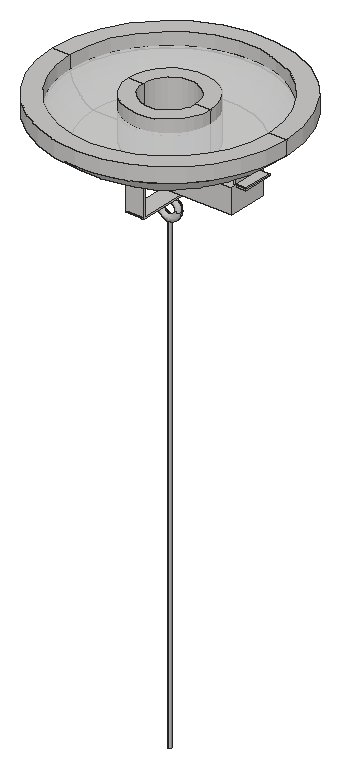
Revit family "0039312", category Lighting Fixtures, host Face, Revit 2017
Family settings
  Host = Face
  Round Connector Dimension = Use Diameter
  Part Type = Normal
  OmniClass Number = 23.80.70.11.17
  OmniClass Title = Specialized Lighting by Location or Use
  Cut with Voids When Loaded = No
  Light Source = Yes
  Shared = No
  Room Calculation Point = No
Parameters (values of type "START LED HIGHBAY 4000K 20KLM EB WIDE")
  Weight = 4.5 kg
  Wattage = 190 W
  built-in parameter 1150110 = 1 (stored number, unit not read)
  Voltage Comments = "UNV (Universal Voltage; 220-240 Volt)"  # constant formula
  Voltage = 230 V  # constant formula
  URL = "https://www.sylvania-lighting.com"
  Radius = 200.0 mm
  Mounting Material = Metal_Sylvania_Start LED HighBay_Silver
  Mounting Height = 1000.0 mm
  Mounting Radius = 50.0 mm
  Mounting Brackets Distance = Radius - 68.0 mm  # 132.0 mm
  Mounting Bracket Width = Diameter - 250.0 mm  # 150.0 mm
  Mounting Bracket Length = 30.0 mm
  Housing Material = Magnesium_Sylvania_Start LED HighBay_Silver_RAL 9006
  Energy Class = "A++,A+,A"  # constant formula
  Electrical Protection = "CLASS I"  # constant formula
  Diffuser Radius = Radius - 30.0 mm  # 170.0 mm
  built-in parameter 1114217 = 1 (stored number, unit not read)
  Tilt Angle = -90°
  built-in parameter 1150109 = 1 (stored number, unit not read)
  built-in parameter 1150134 = 12
  built-in parameter 1150113 = 1 (stored number, unit not read)
  Product Page URL = "https://www.sylvania-lighting.com/product/en-int/products/0039312"
  Product Family = "Start LED Highbay"  # constant formula
  Photometry Comments = ""
  Photometric Web File = "0039312_STARTLEDHIGHBAY4000K20KLMEBWIDE-192561.ies"
  Life = "50 000 h"  # constant formula
  IP Rating = "IP65"  # constant formula
  IK Rating = "IK08"  # constant formula
  Emit from Circle Diameter = Diffuser Diameter  # 340.0 mm
  Drive Current = "4200 mA"
  Diffuser Diameter = Diameter - 60.0 mm  # 340.0 mm
  Diffuser Material = Polycarbonate_Sylvania_Start LED HighBay_Clear
  built-in parameter 1114216 [instance] = 1 (stored number, unit not read)
  Model = "START LED HIGHBAY 4000K 20KLM EB WIDE"
  Manufacturer = "Feilo-Sylvania Group"
  built-in parameter 1150105 = 1716.7 (stored number, unit not read)
  Lumens = 21572.6 lm
  built-in parameter 1150115 = 1 (stored number, unit not read)
  built-in parameter 1150137 = (empty or 0)
  built-in parameter 1150139 = (empty or 0)
  built-in parameter 1150112 = 1 (stored number, unit not read)
  built-in parameter 1150114 = 1 (stored number, unit not read)
  Lamp = "LED Panel"  # constant formula
  built-in parameter 1150132 = 2
  built-in parameter 1150102 = (empty or 0)
  built-in parameter 1150107 = 4000 (stored number, unit not read)
  built-in parameter 1150138 = (empty or 0)
  built-in parameter 1150106 = 17.167 (stored number, unit not read)
  Diameter = Radius * 2  # 400.0 mm
  Emit Shape Visible in Rendering = yes
  built-in parameter 1150104 = 10.548 (stored number, unit not read)
  Dimming Lamp Color Temperature Shift = <None>
  Description = "The new Start LED Highbay is a range of industrial fixtures developed for retail, industry, manufacturing, airports and data centres. Start LED Highbay delivers high performance: up to 21,573 lm (luminaire lumen output on 190W version) and delivers up to 114 lm/W (total system efficiency). Start LED Highbay is available in 2 versions (95W or 190W) and 2 beam angles (medium or wide beam), allowing you to choose the best option depending the job on hand. Being part of the EVO LED range of luminaires means Start LED Highbay has been developed for efficiency, functionality and reliability; making it the go-to range for installers and contractors."  # constant formula
  Default Elevation = 0.0 mm
  Color Filter = 16777215
  Catalog Number = "0039312 START LED HIGHBAY 4000K 20KLM EB WIDE"
  built-in parameter 1140040 [instance] = 1
  Beam Angle = 85°
  built-in parameter 1114218 = 1 (stored number, unit not read)
  built-in parameter 1150133 = 10 (stored number, unit not read)
  Assembly Code = "D5020200"
  Apparent Load Comments = ""
  Apparent Load = 190 VA
Reference planes
  plane 1 "Center (Front/Back)": y = 0
  plane 2 "Fixture Top": z = 0
  plane 3 "Center (Left/Right)": x = 0
  plane 4 "Fixture Bottom": z = 1000
  plane 5: z = 975
  plane 6 "Head Top": z = 927
  plane 7: z = 979
  plane 8: z = 826
  plane 9: z = 917.5
  plane 10: z = 875
  plane 11: z = 846
  plane 12: z = 929
  plane 13: y = -75
  plane 14: y = 75
  plane 15: x = 15
  plane 16: x = -15
  plane 17: y = -25
  plane 18: y = 25
  plane 19: x = -132
  plane 20: x = 132
  plane 21: y = 33
  plane 22: y = -33
Forms (mm)
  Revolve 1, solid, material "Magnesium_Sylvania_Start LED HighBay_Silver_RAL 9006" <- "Housing Material", detail levels fine
    sketch origin (0, 0, 0) x (1, 0, 0) y (0, 0, 1)
      loop
        line (-200, 1000) -> (-200, 975)
        arc (-200, 975) -> (-167.487, 948.894) -> (-132, 927) r 337.238
        line (-132, 927) -> (-45, 927) -> (-45, 1000) -> (-70, 1000) -> (-70, 929) -> (-132, 929)
        arc (-132, 929) -> (-157.023, 947.025) -> (-170, 975) r 60.868
        line (-170, 975) -> (-170, 1000) -> (-200, 1000)
      axis (0, 1000) -> (0, 927)
    angle from 0 to 360
  Extrusion 2, solid, material "Metal_Sylvania_Start LED HighBay_Silver" <- "Mounting Material", detail levels fine
    sketch origin (0, 0, 0) x (0, 1, 0) y (0, 0, 1)
      loop
        line (75, 927) -> (73, 927) -> (73, 850)
        arc (73, 850) -> (72.414, 848.586) -> (71, 848) r 2
        line (71, 848) -> (-71, 848)
        arc (-71, 848) -> (-72.414, 848.586) -> (-73, 850) r 2
        line (-73, 850) -> (-73, 927) -> (-75, 927) -> (-75, 848)
        arc (-75, 848) -> (-74.414, 846.586) -> (-73, 846) r 2
        line (-73, 846) -> (73, 846)
        arc (73, 846) -> (74.414, 846.586) -> (75, 848) r 2
        line (75, 848) -> (75, 927)
    from -15 to 15
  Sweep 3, solid, material "Metal_Sylvania_Start LED HighBay_Silver" <- "Mounting Material", detail levels fine
    path origin (0, 0, 0) x (1, 0, 0) y (0, 0, 1)
      loop
        circle (0, 826) r 15
    profile origin (0, 0, 841) x (0, 0, -1) y (0, -1, 0)
      loop
        circle (0, 0) r 5
  Extrusion 4, solid, material "Magnesium_Sylvania_Start LED HighBay_Silver_RAL 9006" <- "Housing Material", detail levels fine
    sketch origin (0, 0, 0) x (1, 0, 0) y (0, 0, 1)
      loop
        line (-132, 927) -> (-132, 919.5) -> (-150, 919.5) -> (-150, 917.5) -> (-130, 917.5) -> (-130, 925) -> (-112, 925) -> (-112, 927) -> (-132, 927)
      loop
        line (132, 927) -> (112, 927) -> (112, 925) -> (130, 925) -> (130, 917.5) -> (150, 917.5) -> (150, 919.5) -> (132, 919.5) -> (132, 927)
    from -25 to 25
  Extrusion 5, solid, material "Magnesium_Sylvania_Start LED HighBay_Silver_RAL 9006" <- "Housing Material", detail levels fine
    sketch origin (0, 0, 0) x (0, 1, 0) y (0, 0, 1)
      loop
        line (33, 875) -> (33, 917.5) -> (-33, 917.5) -> (-33, 875) -> (33, 875)
    from -132 to 132
  Extrusion 6, solid, material "Magnesium_Sylvania_Start LED HighBay_Silver_RAL 9006" <- "Housing Material", detail levels fine
    sketch origin (0, 0, 0) x (1, 0, 0) y (0, 0, 1)
      loop
        line (-150, 917.5) -> (-150, 915.5) -> (-132, 915.5) -> (-132, 917.5) -> (-150, 917.5)
      loop
        line (150, 917.5) -> (132, 917.5) -> (132, 915.5) -> (150, 915.5) -> (150, 917.5)
    from -25 to 25
  Extrusion 7, solid, material "Metal_Sylvania_Start LED HighBay_Silver" <- "Mounting Material", detail levels fine
    sketch origin (0, 0, 13.919) x (0, -1, 0) y (1, 0, 0)
      loop
        circle (0, 0) r 3
    from -13.919 to 797.081
  Extrusion 8, solid, material "Polycarbonate_Sylvania_Start LED HighBay_Clear" <- "Diffuser Material", detail levels fine
    sketch origin (0, 0, 15) x (0, -1, 0) y (1, 0, 0)
      loop
        circle (0, 0) r 170
      loop
        circle (0, 0) r 70
    from 960 to 964
  Extrusion 9, solid, material "Metal_Sylvania_Start LED HighBay_Silver" <- "Mounting Material", detail levels coarse+medium
    sketch origin (0, 0, 15) x (0, -1, 0) y (1, 0, 0)
      loop
        line (-75, -15) -> (75, -15) -> (75, 15) -> (-75, 15) -> (-75, -15)
    from 831 to 912
  Revolve 10, solid, material "Magnesium_Sylvania_Start LED HighBay_Silver_RAL 9006" <- "Housing Material", detail levels coarse+medium
    sketch origin (0, 0, 0) x (1, 0, 0) y (0, 0, 1)
      loop
        line (-200, 1000) -> (-200, 975)
        arc (-200, 975) -> (-167.487, 948.894) -> (-132, 927) r 337.238
        line (-132, 927) -> (0, 927) -> (0, 1000) -> (-200, 1000)
      axis (0, 1000) -> (0, 927)
    angle from 0 to 360
Cuts and joins
  joined: Extrusion 5, Extrusion 6
  joined: Sweep 3, Extrusion 7
Lines and regions (mm)
  model lines, detail levels coarse+medium
    curve 1: line (0, 0, 846) -> (0, 0, 0)
Dimensions and locks
  "Radius": plane 3 "Center (Left/Right)" to Revolve 1 sketch curve
  "Diffuser Radius": plane 3 "Center (Left/Right)" to Revolve 1 sketch curve
  equal spacing: plane 14, plane 1 "Center (Front/Back)", plane 13
  "Mounting Bracket Width": plane 14 to plane 13
  locked: plane 14 to Extrusion 2 sketch curve at 2
  locked: Extrusion 2 sketch curve to plane 13 at 2
  locked: Extrusion 2 sketch curve to plane 11 at 2
  equal spacing: plane 16, plane 3 "Center (Left/Right)", plane 15
  "Mounting Bracket Length": plane 16 to plane 15
  locked: plane 9 to Extrusion 4 sketch curve at 2  (x2)
  locked: Extrusion 4 sketch curve to plane 6 "Head Top" at 2  (x2)
  Extrusion 4 sketch curve to Extrusion 4 sketch curve to Extrusion 4 sketch curve to Extrusion 4 sketch curve = 18.0 mm locked, 2.0 mm locked, 18.0 mm locked  (x2)
  "Mounting Brackets Distance": Extrusion 4 sketch curve to plane 3 "Center (Left/Right)"  (x2)
  plane 1 "Center (Front/Back)" to Extrusion 5 sketch curve = 33.0 mm
  Extrusion 5 sketch curve to plane 1 "Center (Front/Back)" = 33.0 mm
  locked: plane 9 to Extrusion 6 sketch curve at 2
  locked: Extrusion 6 sketch curve to Extrusion 6 sketch curve at 2
  locked: plane 8 to Extrusion 7 at 15
  "Mounting Height": plane 4 "Fixture Bottom" to plane 2 "Fixture Top"
  locked: Revolve 1 sketch curve to Revolve 1 sketch curve at 68  (x2)
  equal spacing: plane 20, plane 3 "Center (Left/Right)", plane 19
  "Mounting Brackets Distance": plane 3 "Center (Left/Right)" to plane 19
  Revolve 1 sketch curve to Revolve 1 sketch curve to Revolve 1 sketch curve = 130.0 mm locked, 25.0 mm locked
  locked: Revolve 10 sketch curve to Revolve 10 sketch curve at 68
  "Radius": Revolve 10 sketch curve to Revolve 10 sketch curve
  plane 21 to plane 18 to plane 1 "Center (Front/Back)" to plane 17 to plane 22 = 8.0 mm locked, 25.0 mm locked, 25.0 mm locked, 8.0 mm locked
  plane 4 "Fixture Bottom" to plane 7 to plane 5 to plane 12 to plane 6 "Head Top" to plane 9 to plane 10 to plane 11 to plane 8 = 21.0 mm locked, 4.0 mm locked, 46.0 mm locked, 2.0 mm locked, 9.5 mm locked, 42.5 mm locked, 29.0 mm locked, 20.0 mm locked
  "Diffuser Diameter": diameter of Extrusion 8 sketch curve
  aligned and locked: plane 2 "Fixture Top" to host face
  aligned and locked: level to host face
  aligned and locked: plane 1 "Center (Front/Back)" to imposter light
  aligned and locked: Revolve 1 sketch curve to plane 6 "Head Top"
  aligned and locked: plane 5 to Revolve 1 sketch curve
  aligned and locked: plane 4 "Fixture Bottom" to Revolve 1 sketch curve
  aligned and locked: Revolve 1 sketch curve to plane 12
  aligned and locked: Extrusion 2 sketch curve to plane 14
  aligned and locked: plane 13 to Extrusion 2 sketch curve
  aligned and locked: plane 6 "Head Top" to Extrusion 2 sketch curve
  aligned and locked: Extrusion 2 sketch curve to plane 11
  aligned and locked: Extrusion 2 to plane 15
  aligned and locked: plane 16 to Extrusion 2
  aligned and locked: plane 17 to Extrusion 4
  aligned and locked: plane 18 to Extrusion 4
  aligned and locked: plane 9 to Extrusion 5 sketch curve
  aligned and locked: Extrusion 5 sketch curve to plane 10
  aligned and locked: Extrusion 6 sketch curve to Extrusion 4  (x4)
  aligned and locked: plane 19 to Extrusion 6 sketch curve
  aligned and locked: Extrusion 6 sketch curve to plane 20
  aligned and locked: plane 18 to Extrusion 6
  aligned and locked: plane 17 to Extrusion 6
  aligned and locked: cut or joined group of Sweep 3, Extrusion 7 to plane 2 "Fixture Top"
  aligned and locked: plane 7 to Extrusion 8
  aligned and locked: Extrusion 8 to plane 5
  aligned and locked: imposter light to plane 4 "Fixture Bottom"
  aligned and locked: plane 3 "Center (Left/Right)" to imposter light
  aligned and locked: plane 15 to Extrusion 9 sketch curve
  aligned and locked: Extrusion 9 sketch curve to plane 16
  aligned and locked: plane 14 to Extrusion 9 sketch curve
  aligned and locked: Extrusion 9 sketch curve to plane 13
  aligned and locked: plane 6 "Head Top" to Extrusion 9
  aligned and locked: Extrusion 9 to plane 11
  aligned and locked: plane 2 "Fixture Top" to curve 1
  aligned and locked: curve 1 to plane 3 "Center (Left/Right)"
  aligned and locked: plane 22 to Extrusion 5
  aligned and locked: plane 21 to Extrusion 5
  aligned and locked: plane 19 to cut or joined group of Extrusion 5, Extrusion 6
  aligned and locked: plane 20 to cut or joined group of Extrusion 5, Extrusion 6
  aligned and locked: imposter light to Revolve 1 sketch curve
  aligned and locked: Extrusion 8 sketch curve to Revolve 1  (x2)
  aligned and locked: imposter light to Revolve 10 sketch curve
Automatic sketch dimensions
  host sketch curve to host sketch curve = 1305.563 mm
  host sketch curve to host sketch curve = 1283.632 mm
  Extrusion 2 sketch curve to plane 6 "Head Top" = 0.0 mm
  Extrusion 2 sketch curve to plane 13 = 2.0 mm
  Extrusion 2 sketch curve to Extrusion 2 sketch curve = 2.0 mm  (x2)
  plane 14 to Extrusion 2 sketch curve = 2.0 mm
  Sweep 3 sketch curve to plane 3 "Center (Left/Right)" = 0.0 mm
  Sweep 3 sketch curve to plane 8 = 0.0 mm
  Sweep 3 sketch curve to plane 1 "Center (Front/Back)" = 0.0 mm
  Sweep 3 sketch curve to profile plane = 0.0 mm
  plane 1 "Center (Front/Back)" to Extrusion 7 sketch curve = 0.0 mm
  Extrusion 7 sketch curve to plane 3 "Center (Left/Right)" = 0.0 mm
  curve 1 to plane 11 = 0.0 mm
  Revolve 1 sketch curve to plane 3 "Center (Left/Right)" = 0.0 mm
  Revolve 1 sketch curve to plane 5 = 0.0 mm
  plane 7 to Revolve 1 sketch curve = 6.79 mm
  Revolve 1 sketch curve to plane 15 = 11.993 mm
  Revolve 1 sketch curve to level = 372.274 mm
  Revolve 1 sketch curve to Revolve 1 sketch curve = 171.562 mm
  Extrusion 4 sketch curve to plane 9 = 0.0 mm  (x2)
  Extrusion 4 sketch curve to plane 6 "Head Top" = 0.0 mm  (x2)
  Extrusion 8 sketch curve to Extrusion 8 sketch curve = 0.0 mm  (x2)
  Revolve 10 sketch curve to plane 3 "Center (Left/Right)" = 0.0 mm
  Revolve 10 sketch curve to plane 6 "Head Top" = 0.0 mm
  Revolve 10 sketch curve to plane 5 = 0.0 mm
  Revolve 10 sketch curve to plane 4 "Fixture Bottom" = 0.0 mm
  Revolve 10 sketch curve to plane 15 = 11.993 mm
  Revolve 10 sketch curve to level = 372.274 mm
  Revolve 10 sketch curve to Revolve 10 sketch curve = 171.562 mm
  radius of Sweep 3 sketch curve = 15.0 mm
  radius of Sweep 3 sketch curve = 5.0 mm
  radius of Extrusion 7 sketch curve = 3.0 mm
Connectors
  electrical at (0, 0, 0), driven by "Voltage", driven by "Apparent Load"
    settings: on cut or joined group of Sweep 3, Extrusion 7, index 1, voltage 230 V, apparent load 0 VA, apparent load phase1 190 VA, apparent load phase2 0 VA, apparent load phase3 0 VA, power factor 1, load classification "Lighting", number of poles 1, system type 31, power factor state 1, is connector primary yes, connector utility no, sub classification motor no, connector description ""
